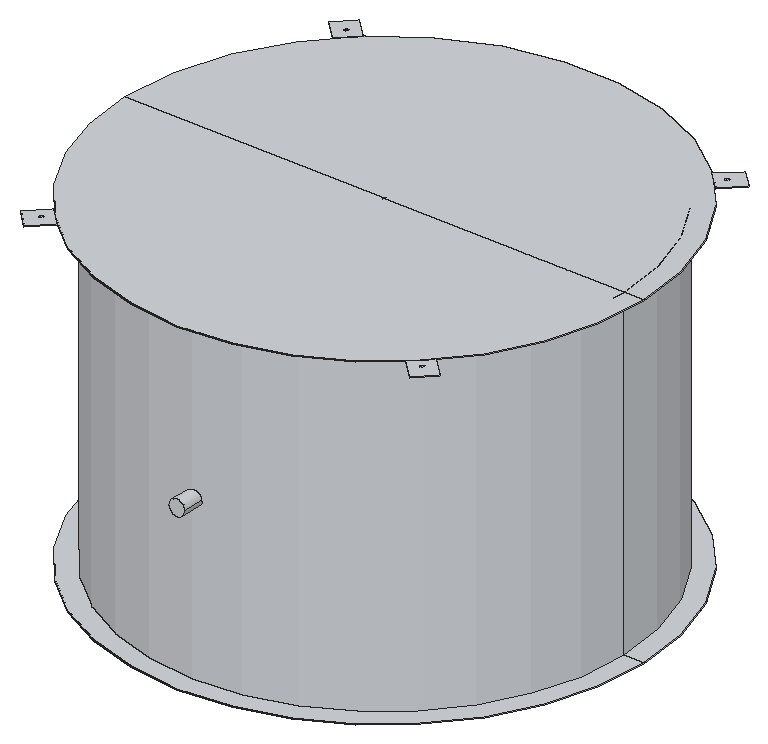
Revit family "AFD-C_Downblast_Ceiling_Mount", category Mechanical Equipment, Revit 2019
Family settings
  Round Connector Dimension = Use Radius
  Part Type = Normal
  Work Plane-Based = No
  Always vertical = Yes
  Cut with Voids When Loaded = No
  Shared = No
  Room Calculation Point = No
Parameters (values of type "60_AFD-C_DOWNBLAST_CEILING")
  Unit Weight [instance] = ""
  ModelID [instance] = ""
  L/2 = L / 2  # 2' - 0 17/32"
  L = 4' - 1 1/16"
  K/2 = K / 2  # 0' - 0 7/32"
  K = 0' - 0 7/16"
  J/2 = J / 2  # 2' - 10 11/16"
  Accessories [instance] = ""
  45 = 45.00°  # constant formula
  (L-1")/2 = (L - 0' 1") / 2  # 2' - 0 1/32"
  (J+(J-A))/2 = (J + ((J - A) / 2)) / 2  # 3' - 0 11/16"
  J = 5' - 9 3/8"
  CENTER = 0' - 0"  # constant formula
  H-(A/2) = H - (A / 2)  # 2' - 0 1/16"
  H+J = H + CENTER  # 4' - 6 3/4"
  H = 4' - 6 3/4"
  Sones [instance] = ""
  Motor RPM [instance] = ""
  Motor Enclosure [instance] = ""
  LwA [instance] = ""
  G = 12' - 0"
  Fan RPM [instance] = ""
  F/2 = F / 2  # 0' - 1 1/2"
  F = 0' - 3"
  E/2 = E / 2  # 1' - 9"
  E-2" = E - 0' 2"  # 3' - 4"
  E = 3' - 6"
  C/2+J = C / 2 + CENTER  # 2' - 7 13/16"
  C/2 = C / 2  # 2' - 7 13/16"
  C = 5' - 3 5/8"
  B/2 = B / 2  # 2' - 9 3/8"
  B = 5' - 6 3/4"
  A/3 = A / 2.5  # 2' - 0.55"
  A/2 = A / 2  # 2' - 6 11/16"
  A = 5' - 1 3/8"
  60 = 60.00°  # constant formula
  30 = 30.00°  # constant formula
  3" = 0' - 3"  # constant formula
  Brake Hp [instance] = ""
  4" = 0' - 4"  # constant formula
  2' = 2' - 0"
  2" = 0' - 2"  # constant formula
  1" = 0' - 1"  # constant formula
  0 = 0' - 0"  # constant formula
  Voltage [instance] = 0 V
  URL = "www.lorencook.com"
  Type Comments = "Tube Axial Fan Downblast Ceiling Mount Direct Drive Arrangement 4"  # constant formula
  Static Pressure [instance] = 0.00 in-wg
  Power [instance] = Voltage * Motor FLA * sqrt(if(Phase = 3, 3, 1))  # 0 VA
  Phase [instance] = 0
  Number of Poles [instance] = 1
  Motor Hp [instance] = "0"
  Motor FLA [instance] = 0 A
  Model = "AFD-C"  # constant formula
  Manufacturer = "Loren Cook Company"
  CFM [instance] = 0 CFM
  1.5 = 0' - 1 1/2"  # constant formula
  ONE EIGTH = 0' - 0 1/8"  # constant formula
  -E/2 = -E / 2  # -1' - 9"
  -(E-.25")/2 = -(E - 0' 0 1/4") / 2  # -1' - 8 7/8"
  (K/2)-((J-A-.25")/2) = (K / 2) - ((J - A - 0' 0 1/4") / 2)  # -0' - 3 21/32"
  (J-A-.25") = (J - A - 0' 0 1/4")  # 0' - 7 3/4"
  (H-(A/2))/2 = (H - (A / 2)) / 2  # 1' - 0 1/32"
  (E-.25")/2 = (E - 0' 0 1/4") / 2  # 1' - 8 7/8"
  (A+.25")/2 = (A + 0' 0 1/4") / 2  # 2' - 6 13/16"
Types (12): name | L/2 | L | K/2 | K | J/2 | (L-1")/2 | (J+(J-A))/2 | J | H-(A/2) | H+J | H | G | F/2 | F | E/2 | E-2" | E | C/2+J | C/2 | C | B/2 | B | A/3 | A/2 | A | -E/2 | -(E-.25")/2 | (K/2)-((J-A-.25")/2) | (J-A-.25") | (H-(A/2))/2 | (E-.25")/2 | (A+.25")/2
  (no name) | 2' - 0 17/32" | 4' - 1 1/16" | 0' - 0 7/32" | 0' - 0 7/16" | 2' - 10 11/16" | 2' - 0 1/32" | 3' - 0 11/16" | 5' - 9 3/8" | 2' - 0 1/16" | 4' - 6 3/4" | 4' - 6 3/4" | 12' - 0" | 0' - 1 1/2" | 0' - 3" | 1' - 9" | 3' - 4" | 3' - 6" | 2' - 7 13/16" | 2' - 7 13/16" | 5' - 3 5/8" | 2' - 9 3/8" | 5' - 6 3/4" | 2' - 0.55" | 2' - 6 11/16" | 5' - 1 3/8" | -1' - 9" | -1' - 8 7/8" | -0' - 3 21/32" | 0' - 7 3/4" | 1' - 0 1/32" | 1' - 8 7/8" | 2' - 6 13/16"
  12_AFD-C_DOWNBLAST_CEILING | 0' - 6 3/8" | 1' - 0 3/4" | 0' - 0 3/16" | 0' - 0 3/8" | 0' - 9 1/32" | 0' - 5 7/8" | 0' - 10 21/64" | 1' - 6 1/16" | 1' - 6 3/16" | 2' - 0 5/8" | 2' - 0 5/8" | 6' - 0" | 0' - 0 5/32" | 0' - 0 5/16" | 0' - 11" | 1' - 8" | 1' - 10" | 0' - 7 5/16" | 0' - 7 5/16" | 1' - 2 5/8" | 0' - 7 13/16" | 1' - 3 5/8" | 0' - 5.15" | 0' - 6 7/16" | 1' - 0 7/8" | -0' - 11" | -0' - 10 7/8" | -0' - 2 9/32" | 0' - 4 15/16" | 0' - 9 3/32" | 0' - 10 7/8" | 0' - 6 9/16"
  16_AFD-C_DOWNBLAST_CEILING | 0' - 7 13/16" | 1' - 3 5/8" | 0' - 0 3/16" | 0' - 0 3/8" | 0' - 11 1/32" | 0' - 7 5/16" | 1' - 0 21/64" | 1' - 10 1/16" | 1' - 9 11/16" | 2' - 6 1/8" | 2' - 6 1/8" | 6' - 0" | 0' - 0 5/32" | 0' - 0 5/16" | 1' - 0 1/2" | 1' - 11" | 2' - 1" | 0' - 9 5/16" | 0' - 9 5/16" | 1' - 6 5/8" | 0' - 9 13/16" | 1' - 7 5/8" | 0' - 6 3/4" | 0' - 8 7/16" | 1' - 4 7/8" | -1' - 0 1/2" | -1' - 0 3/8" | -0' - 2 9/32" | 0' - 4 15/16" | 0' - 10 27/32" | 1' - 0 3/8" | 0' - 8 9/16"
  18_AFD-C_DOWNBLAST_CEILING | 0' - 8 1/2" | 1' - 5" | 0' - 0 3/16" | 0' - 0 3/8" | 1' - 0 1/32" | 0' - 8" | 1' - 1 21/64" | 2' - 0 1/16" | 1' - 9 11/16" | 2' - 7 1/8" | 2' - 7 1/8" | 6' - 0" | 0' - 0 5/32" | 0' - 0 5/16" | 1' - 0 1/2" | 1' - 11" | 2' - 1" | 0' - 10 5/16" | 0' - 10 5/16" | 1' - 8 5/8" | 0' - 10 13/16" | 1' - 9 5/8" | 0' - 7.55" | 0' - 9 7/16" | 1' - 6 7/8" | -1' - 0 1/2" | -1' - 0 3/8" | -0' - 2 9/32" | 0' - 4 15/16" | 0' - 10 27/32" | 1' - 0 3/8" | 0' - 9 9/16"
  24_AFD-C_DOWNBLAST_CEILING | 0' - 10 7/8" | 1' - 9 3/4" | 0' - 0 3/16" | 0' - 0 3/8" | 1' - 3 13/32" | 0' - 10 3/8" | 1' - 4 57/64" | 2' - 6 13/16" | 2' - 3 7/16" | 3' - 3 7/8" | 3' - 3 7/8" | 6' - 0" | 0' - 0 7/32" | 0' - 0 7/16" | 1' - 3 1/2" | 2' - 5" | 2' - 7" | 1' - 1 7/16" | 1' - 1 7/16" | 2' - 2 7/8" | 1' - 2 9/16" | 2' - 5 1/8" | 0' - 9.95" | 1' - 0 7/16" | 2' - 0 7/8" | -1' - 3 1/2" | -1' - 3 3/8" | -0' - 2 21/32" | 0' - 5 11/16" | 1' - 1 23/32" | 1' - 3 3/8" | 1' - 0 9/16"
  28_AFD-C_DOWNBLAST_CEILING | 1' - 0 5/16" | 2' - 0 5/8" | 0' - 0 3/16" | 0' - 0 3/8" | 1' - 5 13/32" | 0' - 11 13/16" | 1' - 6 57/64" | 2' - 10 13/16" | 2' - 3 7/16" | 3' - 5 7/8" | 3' - 5 7/8" | 6' - 0" | 0' - 0 7/32" | 0' - 0 7/16" | 1' - 3 1/2" | 2' - 5" | 2' - 7" | 1' - 3 7/16" | 1' - 3 7/16" | 2' - 6 7/8" | 1' - 4 9/16" | 2' - 9 1/8" | 0' - 11.55" | 1' - 2 7/16" | 2' - 4 7/8" | -1' - 3 1/2" | -1' - 3 3/8" | -0' - 2 21/32" | 0' - 5 11/16" | 1' - 1 23/32" | 1' - 3 3/8" | 1' - 2 9/16"
  32_AFD-C_DOWNBLAST_CEILING | 1' - 2 1/8" | 2' - 4 1/4" | 0' - 0 7/32" | 0' - 0 7/16" | 1' - 7 31/32" | 1' - 1 5/8" | 1' - 9 45/64" | 3' - 3 15/16" | 2' - 4 3/4" | 3' - 9 1/4" | 3' - 9 1/4" | 6' - 0" | 0' - 0 7/32" | 0' - 0 7/16" | 1' - 5" | 2' - 8" | 2' - 10" | 1' - 5 1/2" | 1' - 5 1/2" | 2' - 11" | 1' - 6 5/8" | 3' - 1 1/4" | 1' - 1.2" | 1' - 4 1/2" | 2' - 9" | -1' - 5" | -1' - 4 7/8" | -0' - 3 1/8" | 0' - 6 11/16" | 1' - 2 3/8" | 1' - 4 7/8" | 1' - 4 5/8"
  36_AFD-C_DOWNBLAST_CEILING | 1' - 3 17/32" | 2' - 7 1/16" | 0' - 0 7/32" | 0' - 0 7/16" | 1' - 9 31/32" | 1' - 3 1/32" | 1' - 11 45/64" | 3' - 7 15/16" | 2' - 4 3/4" | 3' - 11 1/4" | 3' - 11 1/4" | 6' - 0" | 0' - 0 7/32" | 0' - 0 7/16" | 1' - 5" | 2' - 8" | 2' - 10" | 1' - 7 1/2" | 1' - 7 1/2" | 3' - 3" | 1' - 8 11/16" | 3' - 5 3/8" | 1' - 2.8" | 1' - 6 1/2" | 3' - 1" | -1' - 5" | -1' - 4 7/8" | -0' - 3 1/8" | 0' - 6 11/16" | 1' - 2 3/8" | 1' - 4 7/8" | 1' - 6 5/8"
  44_AFD-C_DOWNBLAST_CEILING | 1' - 6 3/8" | 3' - 0 3/4" | 0' - 0 7/32" | 0' - 0 7/16" | 2' - 2" | 1' - 5 7/8" | 2' - 3 3/4" | 4' - 4" | 3' - 0 1/4" | 4' - 10 3/4" | 4' - 10 3/4" | 12' - 0" | 0' - 0 7/32" | 0' - 0 7/16" | 1' - 9" | 3' - 4" | 3' - 6" | 1' - 11 3/4" | 1' - 11 3/4" | 3' - 11 1/2" | 2' - 0 11/16" | 4' - 1 3/8" | 1' - 6" | 1' - 10 1/2" | 3' - 9" | -1' - 9" | -1' - 8 7/8" | -0' - 3 5/32" | 0' - 6 3/4" | 1' - 6 1/8" | 1' - 8 7/8" | 1' - 10 5/8"
  48_AFD-C_DOWNBLAST_CEILING | 1' - 8 3/16" | 3' - 4 3/8" | 0' - 0 7/32" | 0' - 0 7/16" | 2' - 4 9/16" | 1' - 7 11/16" | 2' - 6 9/16" | 4' - 9 1/8" | 3' - 0 3/16" | 5' - 0 3/4" | 5' - 0 3/4" | 12' - 0" | 0' - 0 7/32" | 0' - 0 7/16" | 1' - 9" | 3' - 4" | 3' - 6" | 2' - 1 13/16" | 2' - 1 13/16" | 4' - 3 5/8" | 2' - 2 3/4" | 4' - 5 1/2" | 1' - 7.65" | 2' - 0 9/16" | 4' - 1 1/8" | -1' - 9" | -1' - 8 7/8" | -0' - 3 21/32" | 0' - 7 3/4" | 1' - 6 3/32" | 1' - 8 7/8" | 2' - 0 11/16"
  54_AFD-C_DOWNBLAST_CEILING | 1' - 10 1/2" | 3' - 9" | 0' - 0 7/32" | 0' - 0 7/16" | 2' - 7 13/16" | 1' - 10" | 2' - 9 7/8" | 5' - 3 5/8" | 2' - 0 1/16" | 4' - 3 3/4" | 4' - 3 3/4" | 12' - 0" | 0' - 0 7/32" | 0' - 0 7/16" | 1' - 9" | 3' - 4" | 3' - 6" | 2' - 4 13/16" | 2' - 4 13/16" | 4' - 9 5/8" | 2' - 6 3/8" | 5' - 0 3/4" | 1' - 10.15" | 2' - 3 11/16" | 4' - 7 3/8" | -1' - 9" | -1' - 8 7/8" | -0' - 3 25/32" | 0' - 8" | 1' - 0 1/32" | 1' - 8 7/8" | 2' - 3 13/16"
  60_AFD-C_DOWNBLAST_CEILING | 2' - 0 17/32" | 4' - 1 1/16" | 0' - 0 7/32" | 0' - 0 7/16" | 2' - 10 11/16" | 2' - 0 1/32" | 3' - 0 11/16" | 5' - 9 3/8" | 2' - 0 1/16" | 4' - 6 3/4" | 4' - 6 3/4" | 12' - 0" | 0' - 1 1/2" | 0' - 3" | 1' - 9" | 3' - 4" | 3' - 6" | 2' - 7 13/16" | 2' - 7 13/16" | 5' - 3 5/8" | 2' - 9 3/8" | 5' - 6 3/4" | 2' - 0.55" | 2' - 6 11/16" | 5' - 1 3/8" | -1' - 9" | -1' - 8 7/8" | -0' - 3 21/32" | 0' - 7 3/4" | 1' - 0 1/32" | 1' - 8 7/8" | 2' - 6 13/16"
Reference planes (in)
  plane 1 "Center (Front/Back)": y = 0
  plane 2: z = 0
  plane 3 "Center (Left/Right)": x = 0.40541
Forms (in)
  Revolve 1, solid
    sketch origin (0, 0, 0) x (1, 0, 0) y (0, 0, 1)
      loop
        line (0.40541, -21) -> (33.78041, -21) -> (33.78041, -20.875) -> (31.21791, -20.875) -> (31.21791, 20.875) -> (33.78041, 20.875) -> (33.78041, 21) -> (0.40541, 21) -> (0.40541, -21)
      axis (0.40541, -21) -> (0.40541, 21)
    angle from 0 to 360
  Extrusion 2, void
    sketch origin (0, 0, 0) x (1, 0, 0) y (0, 1, 0)
      loop
        circle (0.40541, 0) r 0.125
    from -21 <- "-E/2" to 21 <- "E/2"
  Extrusion 3, solid
    sketch origin (0, 0, 0) x (1, 0, 0) y (0, 1, 0)
      loop
        arc (-24.45422, 26.98095) -> (-25.53657, 25.94198) -> (-26.57554, 24.85963) r 36.6875
        line (-26.57554, 24.85963) -> (-24.23109, 22.51518)
        arc (-24.23109, 22.51518) -> (-23.19428, 23.59969) -> (-22.10977, 24.6365) r 33.375
        line (-22.10977, 24.6365) -> (-24.45422, 26.98095)
      loop
        arc (25.26504, -26.98095) -> (26.34739, -25.94198) -> (27.38636, -24.85963) r 36.6875
        line (27.38636, -24.85963) -> (25.04191, -22.51518)
        arc (25.04191, -22.51518) -> (24.0051, -23.59969) -> (22.92059, -24.6365) r 33.375
        line (22.92059, -24.6365) -> (25.26504, -26.98095)
      loop
        arc (-26.57554, -24.85963) -> (-25.53657, -25.94198) -> (-24.45422, -26.98095) r 36.6875
        line (-24.45422, -26.98095) -> (-22.10977, -24.6365)
        arc (-22.10977, -24.6365) -> (-23.19428, -23.59969) -> (-24.23109, -22.51518) r 33.375
        line (-24.23109, -22.51518) -> (-26.57554, -24.85963)
      loop
        arc (27.38636, 24.85963) -> (26.34739, 25.94198) -> (25.26504, 26.98095) r 36.6875
        line (25.26504, 26.98095) -> (22.92059, 24.6365)
        arc (22.92059, 24.6365) -> (24.0051, 23.59969) -> (25.04191, 22.51518) r 33.375
        line (25.04191, 22.51518) -> (27.38636, 24.85963)
    from 20.875 <- "(E-.25")/2" to 21 <- "E/2"
  Extrusion 4, void
    sketch origin (0, 0, 0) x (1, 0, 0) y (0, 1, 0)
      loop
        circle (24.93666, 24.53125) r 0.21875
      loop
        circle (-24.12584, 24.53125) r 0.21875
      loop
        circle (-24.12584, -24.53125) r 0.21875
      loop
        circle (24.93666, -24.53125) r 0.21875
    from 21 <- "E/2" to -21 <- "-E/2"
  Extrusion 5, solid
    sketch origin (0, 0, 0) x (1, 0, 0) y (0, 0, 1)
      loop
        circle (0.40541, 0) r 1
    from 0 to 33.375 <- "B/2"
Cuts and joins
  Extrusion 2, Extrusion 4 cuts Revolve 1
  Extrusion 4 cuts Extrusion 3
Dimensions and locks (in)
  "0": Revolve 1 sketch curve to plane 3 "Center (Left/Right)"  (x2)
  "(A+.25")/2": Revolve 1 sketch curve to plane 3 "Center (Left/Right)"
  "B/2": Revolve 1 sketch curve to plane 3 "Center (Left/Right)"  (x2)
  "ONE EIGTH": Revolve 1 sketch curve to Revolve 1 sketch curve  (x2)
  "E": Revolve 1 sketch curve to Revolve 1 sketch curve
  "E/2": level to Revolve 1 sketch curve
  "0": Extrusion 2 sketch curve to plane 3 "Center (Left/Right)"
  "0": plane 1 "Center (Front/Back)" to Extrusion 2 sketch curve
  "0": Extrusion 3 sketch curve to plane 3 "Center (Left/Right)"  (x8)
  "0": Extrusion 3 sketch curve to plane 1 "Center (Front/Back)"  (x8)
  "1.5": plane 3 "Center (Left/Right)" to Extrusion 3 sketch curve  (x3)
  "3"": Extrusion 3 sketch curve to Extrusion 3 sketch curve  (x4)
  "1.5": Extrusion 3 sketch curve to plane 3 "Center (Left/Right)"
  "L/2": plane 3 "Center (Left/Right)" to Extrusion 4 sketch curve  (x4)
  "L/2": plane 1 "Center (Front/Back)" to Extrusion 4 sketch curve  (x4)
  "0": Extrusion 5 sketch curve to level
  "0": Extrusion 5 sketch curve to plane 3 "Center (Left/Right)"
  "ONE EIGTH": radius of Extrusion 2 sketch curve
  "(J+(J-A))/2": radius of Extrusion 3 sketch curve  (x4)
  "B/2": radius of Extrusion 3 sketch curve  (x4)
  "K/2": radius of Extrusion 4 sketch curve  (x4)
  "1"": radius of Extrusion 5 sketch curve
  "45": angle Extrusion 3 sketch curve to plane 3 "Center (Left/Right)"
  "45": angle Extrusion 3 sketch curve to plane 1 "Center (Front/Back)"  (x2)
  "45": angle plane 1 "Center (Front/Back)" to Extrusion 3 sketch curve
Automatic sketch dimensions
  Revolve 1 sketch curve to Revolve 1 sketch curve = 0' - 0"
  Revolve 1 sketch curve to Revolve 1 sketch curve = 1' - 6"
Connectors (in)
  hvac at (0.40541, 0, 20.875), driven by "A/2"
    settings: on Revolve 1, index 2, duct flow 0 CFM, flow factor 0, pres drop 0.00 in-wg, loss coef 0, conn angle 0.00°, conn width 12", conn height 12", conn diameter 61 3/8", duct sys type 29, conn prof type 0, flow config 0, flow direction 1, loss method 0, conn ref index -1, conn util no, is conn primary yes, conn desc ""
  hvac at (0.40541, 0, -21), driven by "A/2"
    settings: on cut or joined group of Revolve 1, Extrusion 2, Extrusion 4, index 4, duct flow 0 CFM, flow factor 0, pres drop 0.00 in-wg, loss coef 0, conn angle 0.00°, conn width 12", conn height 12", conn diameter 61 3/8", duct sys type 29, conn prof type 0, flow config 0, flow direction 2, loss method 0, conn ref index -1, conn util no, is conn primary no, conn desc ""
  electrical at (0.40541, -33.375, 0)
    settings: on Extrusion 5, index 5, voltage 0 V, apparent load 0 VA, apparent load phase1 0 VA, apparent load phase2 0 VA, apparent load phase3 0 VA, power factor 1, load classification "Other", number of poles 1, system type 30, power factor state 1, is connector primary yes, connector utility no, sub classification motor no, connector description ""
